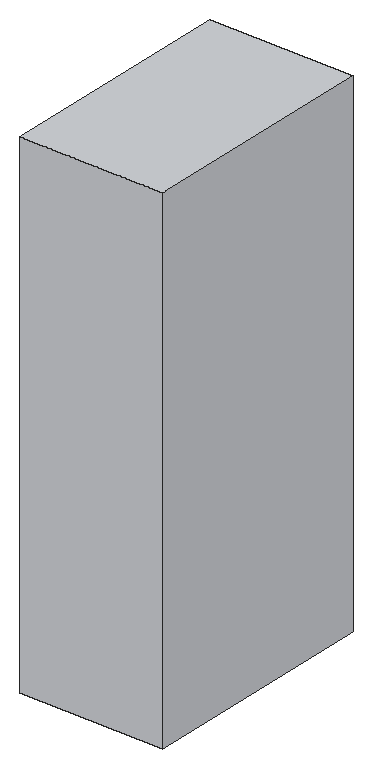
Revit family "SB10_RTU機櫃_600x1000x2100", category 電氣設備, Revit 2025
Family settings
  面板規劃 = 兩欄，回路穿越
  圓形接點標註 = 使用直徑
  組件類型 = 分電盤
  OmniClass 編號 = 23.80.30.11.17
  OmniClass 標題 = Distribution Boards and Control Panels
  以工作平面為基礎 = 否
  總是垂直 = 是
  載入時使用空心切割 = 否
  維持標註方位 = 否
  共用 = 否
  房間計算點 = 否
Parameters (values of type "RTU 與網路機櫃")
  built-in parameter 1155100 [instance] = -1
  Default Elevation = 0 mm
  built-in parameter 1140142 [instance] = -1
  SCADA_高mm [instance] = "2100"
  SCADA_附錄F項次 [instance] = "13"
  SCADA_附錄D項次 [instance] = "4"
  SCADA_編號 [instance] = "SB10-COMS-RTU-01"
  SCADA_站點 [instance] = "SB10"
  SCADA_深mm [instance] = "1000"
  SCADA_機櫃類型 [instance] = "RTU 與網路機櫃"
  SCADA_期別 [instance] = "第一期"
  SCADA_房間 [instance] = "COMS/SCADA 設備室"
  SCADA_建物 [instance] = "車站"
  SCADA_尺寸 [instance] = "600W×1000D×2100H"
  SCADA_寬mm [instance] = "600"
  SCADA_定位來源 [instance] = "獨立設備族群（載入專案後定位）"
  SCADA_備註 [instance] = ""
  SCADA_來源文件 [instance] = "Installation SoW_V6（Rev.006, 2026-07-02）附錄 D / F；依原文顏色標示排除已刪除項目"
  SCADA_UPS電源110V [instance] = "雙 UPS 電源（2×4500VA）"
  built-in parameter 1140140 [instance] = 1 (stored number, unit not read)
Reference planes
  plane 1 "中心 (前/後)": y = 0
  plane 2: z = 0
  plane 3 "中心 (左/右)": x = 0
Forms (mm)
  Extrusion 1, solid
    sketch origin (0, 0, 0) x (1, 0, 0) y (0, 1, 0)
      loop
        line (-300, -500) -> (300, -500) -> (300, 500) -> (-300, 500) -> (-300, -500)
    from 0 to 2100
Lines and regions (mm)
  model lines, style "開門線"
    curve 1: line (300, -500, 0) -> (300, -1100, 0)
    curve 2: arc (-300, -500, 0) -> (-124.264, -924.264, 0) -> (300, -1100, 0) r 600
    curve 3: line (-300, 500, 0) -> (-300, 1100, 0)
    curve 4: arc (300, 500, 0) -> (124.264, 924.264, 0) -> (-300, 1100, 0) r 600
Dimensions and locks
  aligned and locked: level to plane 2
